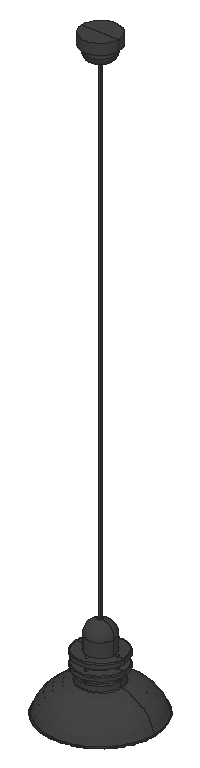
Revit family "Orbitor 100w -12,16 LED", category Lighting Fixtures, Revit 2020
Family settings
  Round Connector Dimension = Use Diameter
  Part Type = Normal
  OmniClass Number = 23.80.70.00
  OmniClass Title = Lighting
  Work Plane-Based = No
  Always vertical = Yes
  Cut with Voids When Loaded = No
  Light Source = Yes
  Shared = No
  Room Calculation Point = No
Parameters (values of type "ORBT16")
  Weight = "2.0 lbs"
  Wattage Comments = "16W"
  Wattage = 1.6 W
  Warranty = "5 year limited warranty"  # constant formula
  built-in parameter 1150110 = 1 (stored number, unit not read)
  Voltage = 277 V
  URL = "https://www.anplighting.com/assets/Uploads/product-attachments/specification-sheets/ANP-Specification-Sheet-RLM-LED-ORBT16.pdf"
  built-in parameter 1114217 = 1 (stored number, unit not read)
  Tilt Angle = 90.00°
  built-in parameter 1150109 = 1 (stored number, unit not read)
  built-in parameter 1150134 = 12
  built-in parameter 1150113 = 1 (stored number, unit not read)
  ORBT16 = yes
  ORBT12 = no
  Mounting Option [instance] = 1
  Power Factor = 1
  Post Mount [instance] = Mounting Option = 5  # no
  Placement X axis side [instance] = if(Post Mount, 2' 2 15/32", if(Cord or Stem Mount, 0' 0", if(E36 20 inch, 1' 8 1/4", if(E 6 26 inch, 2' 2", if(E7 41 inch, 3' 5 1/4", 0' 1")))))  # 0' - 0"
  Photometric Web File = "generic.ies"
  Model = "ORBT16"
  Manufacturer = "ANP Lighting"  # constant formula
  built-in parameter 1150105 = 2000 (stored number, unit not read)
  Lumens = 2000 lm
  built-in parameter 1150115 = 1 (stored number, unit not read)
  Load Classification = Lighting
  Light Source Height [instance] = 0' - 11"
  built-in parameter 1150137 = (empty or 0)
  built-in parameter 1150139 = (empty or 0)
  Light Elevation _2 [instance] = if(Post Mount, 0' 0.66142", if(E7 41 inch, 0' 0.66142", if(E36 20 inch, 0' 1.65748", if(E 6 26 inch, 0' 1.53543", if(Cord or Stem Mount, (0' 4.3622" + Cord Length), 0' 0")))))  # 6' - 4.3622"
  Light Elevation _1 [instance] = if(Post Mount, 0' 0", if(E7 41 inch, 0' 0", if(E36 20 inch, 0' 1", if(E 6 26 inch, 0' 0.87402", if(Cord or Stem Mount, (0' 3.66142" + Cord Length), 0' 0")))))  # 6' - 3.66142"
  Light Elevation [instance] = if(Post Mount, 14' 0.5315", if(E7 41 inch, 0' 0", 0' 0"))  # 0' - 0"
  Life = "L70 50,000 hours"  # constant formula
  built-in parameter 1150112 = 1 (stored number, unit not read)
  built-in parameter 1150114 = 1 (stored number, unit not read)
  Lamp = "LED"
  built-in parameter 1150132 = 2
  built-in parameter 1150102 = (empty or 0)
  built-in parameter 1150107 = 4000 (stored number, unit not read)
  built-in parameter 1150138 = (empty or 0)
  built-in parameter 1150106 = 20 (stored number, unit not read)
  INSIDE BODY = INSIDE BODY
  Fixture Height = 1' - 0 1/4"
  Fixture Diameter = 1' - 4"
  Efficiency = "65-125 lumens per watt"  # constant formula
  built-in parameter 1150104 = 116.13 (stored number, unit not read)
  E7 41 inch [instance] = Mounting Option = 4  # no
  E36 20 inch [instance] = Mounting Option = 3  # no
  E 6 26 inch [instance] = Mounting Option = 2  # no
  Dimming Lamp Color Temperature Shift = <None>
  Dimming = "1%"  # constant formula
  Description = "120-277 Voltage"  # constant formula
  Default Elevation = 0' - 0"
  Cord or Stem Mount [instance] = Mounting Option = 1  # yes
  Cord Length option [instance] = 0
  Cord Length [instance] = if([2' Cord], 2' 0", if([4' Cord], 4' 0", if([8' Cord], 8' 0", if([10' Cord], 10' 0", if([6' Cord], 6' 0", 6' 0")))))  # 6' - 0"
  Construction Material = "Heavy Duty spun aluminum."  # constant formula
  Color Filter = 16777215
  CRI = ">90"  # constant formula
  Bulb = Bulb
  Body Material = body
  Body Colour = "Spun aluminium"  # constant formula
  built-in parameter 1114218 = 1 (stored number, unit not read)
  built-in parameter 1150133 = 10 (stored number, unit not read)
  Apparent Load = 16 VA
  8' Cord [instance] = Cord Length option = 8  # no
  6' Cord [instance] = Cord Length option = 6  # no
  4' Cord [instance] = Cord Length option = 4  # no
  2' Cord [instance] = Cord Length option = 2  # no
  10' Cord [instance] = Cord Length option = 10  # no
Types (3): name | URL | ORBT16 | ORBT12 | Model | Fixture Height | Fixture Diameter
  (no name) | "https://www.anplighting.com/assets/Uploads/product-attachments/specification-sheets/ANP-Specification-Sheet-RLM-LED-ORBT16.pdf" | yes | no | "ORBT16" | 1' - 0 1/4" | 1' - 4"
  ORBT12 | "https://www.anplighting.com/assets/Uploads/product-attachments/specification-sheets/ANP-Specification-Sheet-RLM-LED-ORBT12.pdf" | no | yes | "ORBT12" | 0' - 11 5/8" | 1' - 0"
  ORBT16 | "https://www.anplighting.com/assets/Uploads/product-attachments/specification-sheets/ANP-Specification-Sheet-RLM-LED-ORBT16.pdf" | yes | no | "ORBT16" | 1' - 0 1/4" | 1' - 4"
Reference planes (in)
  plane 1 "Light Source Axis (F/B)": y = 0
  plane 2: z = 0
  plane 3 "Light Source Axis (L/R)": x = 0
  plane 4 "Light Source Elevation": z = 0
  plane 5: z = 0
  plane 6: x = 0
  plane 7 "Bulb Position": z = -76.3622
  plane 8 "Canopy Position": z = -75.66142
  plane 9 "IES": z = -87.3622
Dimensions and locks (in)
  "Light Elevation": plane 5 to plane 2
  "Placement X axis side": plane 6 to plane 3 "Light Source Axis (L/R)"
  "Light Elevation _2": plane 5 to plane 7 "Bulb Position"
  "Light Elevation _1": plane 5 to plane 8 "Canopy Position"
  "Light Source Height": plane 7 "Bulb Position" to plane 9 "IES"
  locked: plane 4 "Light Source Elevation" to plane 2
  aligned and locked: level to plane 2
  aligned and locked: plane 1 "Light Source Axis (F/B)" to nested 5
  aligned and locked: nested 5 to plane 2
  aligned and locked: nested 1 to plane 3 "Light Source Axis (L/R)"
  aligned and locked: plane 3 "Light Source Axis (L/R)" to nested 2
  aligned and locked: plane 3 "Light Source Axis (L/R)" to nested 4
  aligned and locked: nested 3 to plane 5
  aligned and locked: plane 3 "Light Source Axis (L/R)" to nested 3
  aligned and locked: plane 3 "Light Source Axis (L/R)" to nested 5
  aligned and locked: plane 1 "Light Source Axis (F/B)" to nested 2
  aligned and locked: plane 1 "Light Source Axis (F/B)" to nested 1
  aligned and locked: plane 1 "Light Source Axis (F/B)" to nested 4
  aligned and locked: plane 1 "Light Source Axis (F/B)" to nested 3
  aligned and locked: plane 2 to nested 1
  aligned and locked: plane 2 to nested 2
  aligned and locked: nested 4 to plane 2
  aligned and locked: imposter light to plane 9 "IES"
  aligned and locked: imposter light to plane 6
  aligned and locked: nested 6 to plane 8 "Canopy Position"
  aligned and locked: nested 7 to plane 8 "Canopy Position"
  aligned and locked: nested 6 to plane 6
  aligned and locked: nested 7 to plane 6
Nested families (in)
  nested 1: "CORD OR STEM MOUNT" at (0, 0, -75.67), visible <- "Cord or Stem Mount", Cord or Stem Mount <- "Cord or Stem Mount", Body Material <- "Body Material", Light Elevation <- "Light Elevation", Cord Length <- "Cord Length", 10' Cord <- "10' Cord", 2' Cord <- "2' Cord", 4' Cord <- "4' Cord", 6' Cord <- "6' Cord", 8' Cord <- "8' Cord", type "CORD OR STEM MOUNT"
    with Light Elevation 0' - 0", Cord or Stem Mount yes, Cord Length 6' - 0", Body Material body, 8' Cord no, 6' Cord no, 4' Cord no, 2' Cord no, 10' Cord no
  nested 2: "E6 26 INCH" at (0, 0, 0), visible <- "E 6 26 inch", Chain Length <- "Cord Length", E 6 26 inch <- "E 6 26 inch", Placement X axis side <- "Placement X axis side", Body Material <- "Body Material", Light Elevation <- "Light Elevation", type "E6 26 INCH"
    with Placement X axis side 0' - 0", Light Elevation 0' - 0", E 6 26 inch no, Chain Length 6' - 0", Body Material body
  nested 3: "E7 41 INCH" at (0, 0, 0), Chain Length <- "Cord Length", visible <- "E7 41 inch", E7 41 inch <- "E7 41 inch", Placement X axis side <- "Placement X axis side", Body Material <- "Body Material", Light Elevation <- "Light Elevation", type "E7 41 INCH"
    with Placement X axis side 0' - 0", Light Elevation 0' - 0", E7 41 inch no, Chain Length 6' - 0", Body Material body
  nested 4: "E36 20 INCH" at (0, 0, 0), visible <- "E36 20 inch", E36 20 inch <- "E36 20 inch", Placement X axis side <- "Placement X axis side", Chain Length <- "Cord Length", Body Material <- "Body Material", Light Elevation <- "Light Elevation", type "E36 20 INCH"
    with Placement X axis side 0' - 0", Light Elevation 0' - 0", E36 20 inch no, Chain Length 6' - 0", Body Material body
  nested 5: "POST MOUNT" at (0, 0, 0), visible <- "Post Mount", Post Mount <- "Post Mount", Placement X axis side <- "Placement X axis side", Chain Length <- "Cord Length", Body Material <- "Body Material", Light Elevation <- "Light Elevation", type "POST MOUNT"
    with Post Mount no, Placement X axis side 0' - 0", Light Elevation 0' - 0", Chain Length 6' - 0", Body Material body
  nested 6: "ORBT12" at (0, 0, -75.66142), Light Elevation <- "Light Elevation", Body <- "Body Material", ORBT12 <- "ORBT12", visible <- "ORBT12", Bulb <- "Bulb", type "ORBT12"
    with ORBT12 no, Light Elevation 0' - 0", Bulb Bulb, Body body
  nested 7: "ORBT16" at (0, 0, -75.66142), Light Elevation <- "Light Elevation", Body <- "Body Material", INSIDE BODY <- "INSIDE BODY", ORBT16 <- "ORBT16", visible <- "ORBT16", type "ORBT16"
    with ORBT16 yes, Light Elevation 0' - 0", INSIDE BODY INSIDE BODY, Body body
Definition of nested family "CORD OR STEM MOUNT"
  Parameters (values of type "CORD OR STEM MOUNT")
    URL = ""
    Model = ""
    Manufacturer = ""
    Light Elevation [instance] = 1' - 7.69"
    Default Elevation = 0' - 0"
    Cord or Stem Mount [instance] = yes
    Cord Length [instance] = 6' - 0"
    Body Material [instance] = none
    8' Cord [instance] = no
    6' Cord [instance] = no
    4' Cord [instance] = no
    2' Cord [instance] = no
    10' Cord [instance] = no
  Reference planes (in)
    plane 1 "Light Source Axis (F/B)": y = 0
    plane 2: z = 0
    plane 3 "Light Source Axis (L/R)": x = 0
    plane 4 "Light Source Elevation": z = 23.125
    plane 5: z = 91.69
    plane 6: z = 19.69
  Forms (in)
    Extrusion 1, void, not visible
      sketch origin (0, 0, 2.38154) x (1, 0, 0) y (0, 0, 1)
        loop
          circle (0, 4.59925) r 0.16583
      from 1.18594 to 1.75
    Extrusion 2, void, not visible
      sketch origin (0, 0, 2.38154) x (0.707107, -0.707107, 0) y (0, 0, 1)
        loop
          circle (0, 4.59925) r 0.16583
      from 1.18594 to 1.75
    Extrusion 3, void, not visible
      sketch origin (0, 0, 2.38154) x (0.707107, 0.707107, 0) y (0, 0, 1)
        loop
          circle (0, 4.59925) r 0.16583
      from 1.18594 to 1.75
    Extrusion 4, void, not visible
      sketch origin (0, 0, 2.38154) x (0, 1, 0) y (0, 0, 1)
        loop
          circle (0, 4.59925) r 0.16583
      from 1.18594 to 1.75
    Extrusion 5, void, not visible
      sketch origin (0, 0, 2.38154) x (-0.707107, 0.707107, 0) y (0, 0, 1)
        loop
          circle (0, 4.59925) r 0.16583
      from 1.18594 to 1.75
    Extrusion 6, void, not visible
      sketch origin (0, 0, 2.38154) x (-1, 0, 0) y (0, 0, 1)
        loop
          circle (0, 4.59925) r 0.20678
      from 1.18594 to 1.75
    Extrusion 7, void, not visible
      sketch origin (0, 0, 2.38154) x (-0.707107, -0.707107, 0) y (0, 0, 1)
        loop
          circle (0, 4.59925) r 0.16583
      from 1.18594 to 1.75
    Extrusion 8, void, not visible
      sketch origin (0, 0, 2.38154) x (0, -1, 0) y (0, 0, 1)
        loop
          circle (0, 4.59925) r 0.16583
      from 1.18594 to 1.75
    Revolve 9, solid, material <- "Body Material", visible <- "Cord or Stem Mount"
      sketch origin (0, 0, 174.56698) x (1, 0, 0) y (0, 0, 1)
        loop
          line (2.6875, -79.20698) -> (0, -79.20698) -> (0, -82.87698) -> (0.125, -82.87698) -> (0.125, -82.83698) -> (0.75, -82.83698)
          arc (0.75, -82.83698) -> (0.81694, -82.77004) -> (0.75, -82.7031) r 0.06694
          line (0.75, -82.7031) -> (0.89763, -82.7031) -> (1.00223, -82.5985) -> (1.06587, -82.5985)
          arc (1.06587, -82.5985) -> (1.80099, -82.29401) -> (2.10549, -81.55888) r 1.03962
          line (2.10549, -81.55888) -> (2.10549, -81.03899)
          arc (2.10549, -81.03899) -> (2.12951, -80.981) -> (2.1875, -80.95698) r 0.08201
          line (2.1875, -80.95698) -> (2.1875, -80.70698) -> (2.6875, -80.70698) -> (2.6875, -79.20698)
        axis (0, -79.20698) -> (0, -82.87698)
      angle from 0 to 360
    Revolve 10, solid, material <- "Body Material", visible <- "Cord or Stem Mount"
      sketch origin (0, 0, 0) x (1, 0, 0) y (0, 0, 1)
        loop
          line (0, 91.69) -> (-0.125, 91.69) -> (-0.125, 19.69) -> (0, 19.69) -> (0, 91.69)
        axis (0, 19.69) -> (0, 91.69)
      angle from 0 to 360
  Dimensions and locks (in)
    "Light Elevation": plane 6 to plane 2
    "Cord Length": plane 5 to plane 6
    locked: Revolve 10 sketch curve to Revolve 10 sketch curve at 0.125
    aligned and locked: level to plane 2
    aligned and locked: Revolve 10 sketch curve to plane 3 "Light Source Axis (L/R)"
    aligned and locked: Revolve 10 sketch curve to plane 6
    aligned and locked: Revolve 10 sketch curve to plane 5
    aligned and locked: plane 3 "Light Source Axis (L/R)" to Revolve 10 sketch curve
  Automatic sketch dimensions
    Revolve 9 sketch curve to plane 3 "Light Source Axis (L/R)" = 0' - 0"  (x2)
    Revolve 9 sketch curve to plane 5 = 0' - 0"
    plane 3 "Light Source Axis (L/R)" to Revolve 9 sketch curve = 0' - 0 1/8"
    Revolve 9 sketch curve to plane 5 = 0' - 0.17388"
    Revolve 9 sketch curve to Revolve 9 sketch curve = 0' - 0 5/8"
    Revolve 9 sketch curve to Revolve 9 sketch curve = 0' - 0.14763"
    Revolve 9 sketch curve to plane 5 = 0' - 0.27847"
    Revolve 9 sketch curve to Revolve 9 sketch curve = 0' - 0.1046"
    Revolve 9 sketch curve to Revolve 9 sketch curve = 0' - 0.06364"
    Revolve 9 sketch curve to Revolve 9 sketch curve = 0' - 1.03962"
    Revolve 9 sketch curve to Revolve 9 sketch curve = 0' - 0 21/256"
    Revolve 9 sketch curve to Revolve 9 sketch curve = 0' - 0 1/2"  (x2)
    Revolve 9 sketch curve to Revolve 9 sketch curve = 0' - 0.51989"
    Revolve 9 sketch curve to Revolve 9 sketch curve = 0' - 0 1/4"
    Revolve 9 sketch curve to Revolve 9 sketch curve = 0' - 2.3519"
    Revolve 9 sketch curve to Revolve 9 sketch curve = 0' - 1 1/4"
    Revolve 9 sketch curve to Revolve 9 sketch curve = 0' - 0.04"
    Revolve 10 sketch curve to Revolve 10 sketch curve = 0' - 0 1/2"
    Revolve 10 sketch curve to Revolve 10 sketch curve = 0' - 0.42345"
Definition of nested family "ORBT16"
  Parameters (values of type "ORBT16")
    ORBT16 [instance] = yes
    Light Elevation [instance] = 0' - 0"
    INSIDE BODY [instance] = none
    Default Elevation = 0' - 0"
    Bulb = none
    Body [instance] = none
  Reference planes (in)
    plane 1 "Center (Front/Back)": y = 0
    plane 2: z = 0
    plane 3 "Center (Left/Right)": x = 0
    plane 4: z = 0
  Dimensions and locks (in)
    "Light Elevation": plane 4 to plane 2
    aligned and locked: plane 2 to level
    aligned and locked: plane 3 "Center (Left/Right)" to nested 1
    aligned and locked: plane 1 "Center (Front/Back)" to nested 1
    aligned and locked: nested 1 to plane 4
  Nested families (in)
    nested 1: "ORBT16-LED (1)" at (0, 0, -13.23751), INSIDE BODY <- "INSIDE BODY", Body <- "Body", visible <- "ORBT16", ORBT16 <- "ORBT16", type "ORBT16-LED (1)"
      with ORBT16 yes, INSIDE BODY none, Body none
  Definition of nested family "ORBT16-LED (1)"
    Parameters (values of type "ORBT16-LED (1)")
      ORBT16 [instance] = yes
      INSIDE BODY [instance] = none
      Default Elevation = 0' - 0"
      Bulb = none
      Body [instance] = none
    Reference planes (in)
      plane 1 "Center (Front/Back)": y = 0
      plane 2: z = 0
      plane 3 "Center (Left/Right)": x = 0
    Forms (in)
      Revolve 1, solid, material <- "Body", visible <- "ORBT16"
        sketch origin (0, 0, 0.63136) x (1, 0, 0) y (0, 0, 1)
          loop
            line (-2, 10.64427) -> (-2, 8.43427)
            arc (-2, 8.43427) -> (-2.01172, 8.40598) -> (-2.04, 8.39427) r 0.04
            line (-2.04, 8.39427) -> (-2.67, 8.39427)
            arc (-2.67, 8.39427) -> (-2.72657, 8.37084) -> (-2.75, 8.31427) r 0.08
            line (-2.75, 8.31427) -> (-2.75, 7.89427) -> (-2.67, 7.89427) -> (-2.67, 8.31427) -> (-2.04, 8.31427)
            arc (-2.04, 8.31427) -> (-1.95515, 8.34941) -> (-1.92, 8.43427) r 0.12
            line (-1.92, 8.43427) -> (-1.92, 10.64427)
            arc (-1.92, 10.64427) -> (-1.46397, 11.88652) -> (-0.3125, 12.53867) r 1.92
            line (-0.3125, 12.53867) -> (-0.3125, 12.60615) -> (-0.38859, 12.60615)
            arc (-0.38859, 12.60615) -> (-1.5455, 11.91368) -> (-2, 10.64427) r 2
          axis (0, 12.60615) -> (0, 7.89427)
        angle from 0 to 360
      Revolve 2, solid, material <- "Body", visible <- "ORBT16"
        sketch origin (0, 0, 0.63136) x (1, 0, 0) y (0, 0, 1)
          loop
            line (-2.0625, 8.60427) -> (-3.3125, 8.60427) -> (-3.3125, 8.39427) -> (-2.0625, 8.39427) -> (-2.0625, 8.60427)
          axis (0, 8.60427) -> (0, 8.39427)
        angle from 0 to 360
      Revolve 3, solid, material <- "Body", visible <- "ORBT16"
        sketch origin (0, 0, 0.63136) x (1, 0, 0) y (0, 0, 1)
          loop
            line (-2.0625, 8.68427) -> (-3.42, 8.68427)
            arc (-3.42, 8.68427) -> (-3.47657, 8.66084) -> (-3.5, 8.60427) r 0.08
            line (-3.5, 8.60427) -> (-3.5, 8.05927) -> (-3.42, 8.05927) -> (-3.42, 8.60427) -> (-2.0625, 8.60427) -> (-2.0625, 8.68427)
          axis (0, 8.68427) -> (0, 8.05927)
        angle from 0 to 360
      Revolve 4, solid, material <- "Body", visible <- "ORBT16"
        sketch origin (0, 0, 0.63136) x (1, 0, 0) y (0, 0, 1)
          loop
            line (-1.3725, 8.31427) -> (-2.67, 8.31427) -> (-2.67, 8.23427) -> (-1.3725, 8.23427) -> (-1.3725, 8.31427)
          axis (0, 8.31427) -> (0, 8.23427)
        angle from 0 to 360
      Revolve 5, solid, material <- "Body", visible <- "ORBT16"
        sketch origin (0, 0, 0.63136) x (1, 0, 0) y (0, 0, 1)
          loop
            line (-2.065, 8.23427) -> (-2.065, 8.04677) -> (-1.935, 8.04677) -> (-1.935, 7.66677) -> (-1.8125, 7.66677) -> (-1.8125, 6.98427) -> (-1.6825, 6.98427) -> (-1.6825, 8.10427) -> (-1.2475, 8.10427) -> (-1.2475, 8.23427) -> (-2.065, 8.23427)
          axis (0, 8.23427) -> (0, 6.98427)
        angle from 0 to 360
      Revolve 6, solid, material <- "Body", visible <- "ORBT16"
        sketch origin (0, 0, 0.63136) x (1, 0, 0) y (0, 0, 1)
          loop
            line (-2.0625, 7.06427) -> (-3.42, 7.06427)
            arc (-3.42, 7.06427) -> (-3.47657, 7.04084) -> (-3.5, 6.98427) r 0.08
            line (-3.5, 6.98427) -> (-3.5, 6.43927) -> (-3.42, 6.43927) -> (-3.42, 6.98427) -> (-2.0625, 6.98427) -> (-2.0625, 7.06427)
          axis (0, 7.06427) -> (0, 6.43927)
        angle from 0 to 360
      Revolve 7, solid, material <- "Body", visible <- "ORBT16"
        sketch origin (0, 0, 0.63136) x (1, 0, 0) y (0, 0, 1)
          loop
            line (-2.625, 6.98427) -> (-2.625, 5.73427) -> (-2.5625, 5.73427) -> (-2.5625, 6.98427) -> (-2.625, 6.98427)
          loop
            line (-2.625, 8.23427) -> (-2.625, 7.06427) -> (-2.5625, 7.06427) -> (-2.5625, 8.23427) -> (-2.625, 8.23427)
          loop
            line (-2.5985, 8.76094) -> (-2.5985, 8.68427) -> (-2.4375, 8.68427) -> (-2.4375, 8.79927) -> (-2.56017, 8.79927)
            arc (-2.56017, 8.79927) -> (-2.58727, 8.78804) -> (-2.5985, 8.76094) r 0.03833
          axis (-2.4375, 8.79927) -> (-2.4375, 5.73427)
        angle from 0 to 360
      Revolve 8, solid, material <- "Body", visible <- "ORBT16"
        sketch origin (0, 0, 0.63136) x (-1, 0, 0) y (0, 0, 1)
          loop
            line (-2.625, 6.98427) -> (-2.625, 5.73427) -> (-2.5625, 5.73427) -> (-2.5625, 6.98427) -> (-2.625, 6.98427)
          loop
            line (-2.625, 8.23427) -> (-2.625, 7.06427) -> (-2.5625, 7.06427) -> (-2.5625, 8.23427) -> (-2.625, 8.23427)
          loop
            line (-2.5985, 8.76094) -> (-2.5985, 8.68427) -> (-2.4375, 8.68427) -> (-2.4375, 8.79927) -> (-2.56017, 8.79927)
            arc (-2.56017, 8.79927) -> (-2.58727, 8.78804) -> (-2.5985, 8.76094) r 0.03833
          axis (-2.4375, 8.79927) -> (-2.4375, 5.73427)
        angle from 0 to 360
      Revolve 9, solid, material <- "Body", visible <- "ORBT16"
        sketch origin (0, 0, 0.63136) x (0, 1, 0) y (0, 0, 1)
          loop
            line (-2.625, 6.98427) -> (-2.625, 5.73427) -> (-2.5625, 5.73427) -> (-2.5625, 6.98427) -> (-2.625, 6.98427)
          loop
            line (-2.625, 8.23427) -> (-2.625, 7.06427) -> (-2.5625, 7.06427) -> (-2.5625, 8.23427) -> (-2.625, 8.23427)
          loop
            line (-2.5985, 8.76094) -> (-2.5985, 8.68427) -> (-2.4375, 8.68427) -> (-2.4375, 8.79927) -> (-2.56017, 8.79927)
            arc (-2.56017, 8.79927) -> (-2.58727, 8.78804) -> (-2.5985, 8.76094) r 0.03833
          axis (-2.4375, 8.79927) -> (-2.4375, 5.73427)
        angle from 0 to 360
      Revolve 10, solid, material <- "Body", visible <- "ORBT16"
        sketch origin (0, 0, 0.63136) x (0, -1, 0) y (0, 0, -1)
          loop
            line (-2.625, -6.98427) -> (-2.5625, -6.98427) -> (-2.5625, -5.73427) -> (-2.625, -5.73427) -> (-2.625, -6.98427)
          loop
            line (-2.625, -8.23427) -> (-2.5625, -8.23427) -> (-2.5625, -7.06427) -> (-2.625, -7.06427) -> (-2.625, -8.23427)
          loop
            arc (-2.5985, -8.76094) -> (-2.58727, -8.78804) -> (-2.56017, -8.79927) r 0.03833
            line (-2.56017, -8.79927) -> (-2.4375, -8.79927) -> (-2.4375, -8.68427) -> (-2.5985, -8.68427) -> (-2.5985, -8.76094)
          axis (-2.4375, -8.79927) -> (-2.4375, -5.73427)
        angle from 0 to 360
      Revolve 11, solid, material <- "Body", visible <- "ORBT16"
        sketch origin (0, 0, 0) x (1, 0, 0) y (0, 0, 1)
          loop
            line (-2.0625, 6.36562) -> (-2.875, 6.36562)
            arc (-2.875, 6.36562) -> (-2.96339, 6.32901) -> (-3, 6.24062) r 0.125
            line (-3, 6.24062) -> (-3, 5.50085)
            arc (-3, 5.50085) -> (-3.01439, 5.44262) -> (-3.05426, 5.39779) r 0.125
            arc (-3.05426, 5.39779) -> (-6.09793, 3.9276) -> (-7.90266, 1.06956) r 6.14134
            arc (-7.90266, 1.06956) -> (-7.92733, 1.06721) -> (-7.91562, 1.08906) r 0.01406
            line (-7.91562, 1.08906) -> (-7.91562, 1.15937)
            arc (-7.91562, 1.15937) -> (-7.98204, 1.02296) -> (-7.8337, 1.05482) r 0.08438
            arc (-7.8337, 1.05482) -> (-6.03805, 3.87379) -> (-3.02559, 5.32157) r 6.09351
            arc (-3.02559, 5.32157) -> (-2.94836, 5.39682) -> (-2.92, 5.50085) r 0.205
            line (-2.92, 5.50085) -> (-2.92, 6.24062)
            arc (-2.92, 6.24062) -> (-2.90682, 6.27244) -> (-2.875, 6.28562) r 0.045
            line (-2.875, 6.28562) -> (-2.0625, 6.28562) -> (-2.0625, 6.36562)
          axis (0, 6.36562) -> (0, 1.05482)
        angle from 0 to 360
      Revolve 12, solid, material <- "INSIDE BODY", visible <- "ORBT16"
        sketch origin (0, 0, 0) x (1, 0, 0) y (0, 0, 1)
          loop
            line (3.02559, 5.32157) -> (3.02559, 5.22012)
            arc (3.02559, 5.22012) -> (4.77571, 4.62758) -> (6.25909, 3.52595) r 5.9402
            arc (6.25909, 3.52595) -> (7.14081, 2.38175) -> (7.72711, 1.06156) r 6.06824
            line (7.72711, 1.06156) -> (7.83166, 1.06156)
            arc (7.83166, 1.06156) -> (7.23458, 2.4197) -> (6.33047, 3.59598) r 6.16824
            arc (6.33047, 3.59598) -> (4.8145, 4.72014) -> (3.02559, 5.32157) r 6.0402
          axis (0, 1.06156) -> (0, 5.32157)
        angle from 0 to 360
      Revolve 13, solid, material <- "Bulb", visible <- "ORBT16"
        sketch origin (0, 0, 0) x (1, 0, 0) y (0, 0, 1)
          loop
            line (-1.63914, 7.75) -> (-1.63914, 6.9844) -> (-1.72469, 6.91134) -> (-1.72469, 2.72469)
            arc (-1.72469, 2.72469) -> (-1.21954, 1.50515) -> (0, 1) r 1.72469
            line (0, 1) -> (0, 1.1875)
            arc (0, 1.1875) -> (-1.08696, 1.63773) -> (-1.53719, 2.72469) r 1.53719
            line (-1.53719, 2.72469) -> (-1.53719, 6.82489) -> (-1.45164, 6.89796) -> (-1.45164, 7.75) -> (-1.63914, 7.75)
          axis (0, 7.75) -> (0, 1)
        angle from 0 to 360
    Dimensions and locks (in)
      aligned and locked: plane 2 to level
Definition of nested family "E6 26 INCH"
  Parameters (values of type "E6 26 INCH")
    URL = ""
    Placement X axis side [instance] = 2' - 2"
    Model = ""
    Manufacturer = ""
    Light Elevation [instance] = 8' - 4"
    E 6 26 inch [instance] = yes
    Default Elevation = 0' - 0"
    Chain Length [instance] = 0' - 0"
    Body Material [instance] = none
  Reference planes (in)
    plane 1 "Light Source Axis (F/B)": y = 0
    plane 2: z = 0
    plane 3 "Light Source Axis (L/R)": x = 0
    plane 4 "Light Source Elevation": z = 23.125
    plane 5: z = 100
    plane 6: x = -26
    plane 7: z = 99.125
    plane 8: x = -24.12
    plane 9: x = -25.5474
  Forms (in)
    Extrusion 1, void, not visible
      sketch origin (0, 0, 2.38154) x (1, 0, 0) y (0, 0, 1)
        loop
          circle (0, 4.59925) r 0.16583
      from 1.18594 to 1.75
    Extrusion 2, void, not visible
      sketch origin (0, 0, 2.38154) x (0.707107, -0.707107, 0) y (0, 0, 1)
        loop
          circle (0, 4.59925) r 0.16583
      from 1.18594 to 1.75
    Extrusion 3, void, not visible
      sketch origin (0, 0, 2.38154) x (0.707107, 0.707107, 0) y (0, 0, 1)
        loop
          circle (0, 4.59925) r 0.16583
      from 1.18594 to 1.75
    Extrusion 4, void, not visible
      sketch origin (0, 0, 2.38154) x (0, 1, 0) y (0, 0, 1)
        loop
          circle (0, 4.59925) r 0.16583
      from 1.18594 to 1.75
    Extrusion 5, void, not visible
      sketch origin (0, 0, 2.38154) x (-0.707107, 0.707107, 0) y (0, 0, 1)
        loop
          circle (0, 4.59925) r 0.16583
      from 1.18594 to 1.75
    Extrusion 6, void, not visible
      sketch origin (0, 0, 2.38154) x (-1, 0, 0) y (0, 0, 1)
        loop
          circle (0, 4.59925) r 0.20678
      from 1.18594 to 1.75
    Extrusion 7, void, not visible
      sketch origin (0, 0, 2.38154) x (-0.707107, -0.707107, 0) y (0, 0, 1)
        loop
          circle (0, 4.59925) r 0.16583
      from 1.18594 to 1.75
    Extrusion 8, void, not visible
      sketch origin (0, 0, 2.38154) x (0, -1, 0) y (0, 0, 1)
        loop
          circle (0, 4.59925) r 0.16583
      from 1.18594 to 1.75
    Sweep 9, solid, material <- "Body Material", visible <- "E 6 26 inch"
      path origin (-41.25, 0, 168.51693) x (1, 0, 0) y (0, 0, 1)
        loop
          line (17.13, -68.51693) -> (27.68551, -68.51693)
          arc (27.68551, -68.51693) -> (28.47996, -68.34486) -> (29.13202, -67.8595) r 1.92004
          line (29.13202, -67.8595) -> (34.23651, -62.01155)
          arc (34.23651, -62.01155) -> (38.65464, -60.89667) -> (41.25, -64.64193) r 4
          line (41.25, -64.64193) -> (41.25, -69.39193)
      profile origin (-18.84224, 0, 100) x (0, 0, 1) y (0, -1, 0)
        loop
          circle (0, 0) r 0.5
    Revolve 10, solid, material <- "Body Material", visible <- "E 6 26 inch"
      sketch origin (-26, 0, 168.51693) x (1, 0, 0) y (0, 0, 1)
        loop
          line (0, -66.07943) -> (0, -68.51693) -> (1.88, -68.51693) -> (1.88, -67.69272) -> (0.4526, -67.69272) -> (0.4526, -66.54122) -> (0.33125, -66.54122) -> (0.33125, -66.07943) -> (0, -66.07943)
        axis (0, -68.51693) -> (1.88, -68.51693)
      angle from 0 to 360
    Extrusion 11, solid, material <- "Body Material", visible <- "E 6 26 inch"
      sketch origin (-26, 0, 168.51693) x (0, -1, 0) y (0, 0, -1)
        loop
          line (0.25, 68.51693) -> (0.25, 69.51693) -> (-0.25, 69.51693) -> (-0.25, 68.51693) -> (0.25, 68.51693)
      from 0.4526 to 1.88
  Cuts and joins
    joined: Revolve 10, Extrusion 11
  Dimensions and locks (in)
    "Light Elevation": plane 5 to plane 2
    "Placement X axis side": plane 3 "Light Source Axis (L/R)" to plane 6
    locked: plane 5 to plane 7 at 0.875
    Revolve 10 sketch curve to Revolve 10 sketch curve to Revolve 10 sketch curve to plane 6 = 0' - 1.4274" locked, 0' - 0.12135" locked, 0' - 0.33125" locked
    Revolve 10 sketch curve to Revolve 10 sketch curve to Revolve 10 sketch curve to plane 5 = 0' - 0.46179" locked, 0' - 1.1515" locked, 0' - 0 211/256" locked
    locked: Sweep 9 sketch curve to plane 6 at 1.88
    locked: Sweep 9 sketch curve to Sweep 9 sketch curve at 10.55551
    locked: Sweep 9 sketch curve to Sweep 9 sketch curve at 13.56449
    locked: Sweep 9 sketch curve to Sweep 9 sketch curve at 4.75
    locked: plane 9 to plane 6 at 0.4526
    locked: plane 8 to plane 9 at 1.4274
    aligned and locked: level to plane 2
    aligned and locked: Revolve 10 sketch curve to plane 6
    aligned and locked: plane 5 to Revolve 10 sketch curve
    aligned and locked: Revolve 10 sketch curve to plane 5
    aligned and locked: cut or joined group of Revolve 10, Extrusion 11 to plane 9
    aligned and locked: plane 8 to cut or joined group of Revolve 10, Extrusion 11
  Automatic sketch dimensions
    Sweep 9 sketch curve to plane 5 = 0' - 0"
    Sweep 9 sketch curve to Sweep 9 sketch curve = 0' - 4"
    Sweep 9 sketch curve to Sweep 9 sketch curve = 0' - 3.01349"
    plane 5 to Sweep 9 sketch curve = 0' - 0.65743"
    Sweep 9 sketch curve to Sweep 9 sketch curve = 0' - 1.4465"
    Sweep 9 sketch curve to plane 5 = 0' - 0 7/8"
    profile plane to Sweep 9 sketch curve = 0' - 0"
    Sweep 9 sketch curve to profile plane = 0' - 0"
    plane 6 to Revolve 10 sketch curve = 0' - 0.62562"
    Revolve 10 sketch curve to Revolve 10 sketch curve = 0' - 0 1/2"
    Extrusion 11 sketch curve to plane 5 = 0' - 0"
    plane 1 "Light Source Axis (F/B)" to Extrusion 11 sketch curve = 0' - 0 1/4"
    Extrusion 11 sketch curve to plane 1 "Light Source Axis (F/B)" = 0' - 0 1/4"
    plane 5 to Extrusion 11 sketch curve = 0' - 1"
    radius of Sweep 9 sketch curve = 0' - 0 1/2"
Definition of nested family "E7 41 INCH"
  Parameters (values of type "E7 41 INCH")
    URL = ""
    Placement X axis side [instance] = 4' - 2"
    Model = ""
    Manufacturer = ""
    Light Elevation [instance] = 8' - 4"
    E7 41 inch [instance] = yes
    Default Elevation = 0' - 0"
    Chain Length [instance] = 0' - 0"
    Body Material [instance] = none
  Reference planes (in)
    plane 1 "Light Source Axis (F/B)": y = 0
    plane 2: z = 0
    plane 3 "Light Source Axis (L/R)": x = 0
    plane 4 "Light Source Elevation": z = 23.125
    plane 5: z = 100
    plane 6: x = -50
  Forms (in)
    Extrusion 1, void, not visible
      sketch origin (0, 0, 2.38154) x (1, 0, 0) y (0, 0, 1)
        loop
          circle (0, 4.59925) r 0.16583
      from 1.18594 to 1.75
    Extrusion 2, void, not visible
      sketch origin (0, 0, 2.38154) x (0.707107, -0.707107, 0) y (0, 0, 1)
        loop
          circle (0, 4.59925) r 0.16583
      from 1.18594 to 1.75
    Extrusion 3, void, not visible
      sketch origin (0, 0, 2.38154) x (0.707107, 0.707107, 0) y (0, 0, 1)
        loop
          circle (0, 4.59925) r 0.16583
      from 1.18594 to 1.75
    Extrusion 4, void, not visible
      sketch origin (0, 0, 2.38154) x (0, 1, 0) y (0, 0, 1)
        loop
          circle (0, 4.59925) r 0.16583
      from 1.18594 to 1.75
    Extrusion 5, void, not visible
      sketch origin (0, 0, 2.38154) x (-0.707107, 0.707107, 0) y (0, 0, 1)
        loop
          circle (0, 4.59925) r 0.16583
      from 1.18594 to 1.75
    Extrusion 6, void, not visible
      sketch origin (0, 0, 2.38154) x (-1, 0, 0) y (0, 0, 1)
        loop
          circle (0, 4.59925) r 0.20678
      from 1.18594 to 1.75
    Extrusion 7, void, not visible
      sketch origin (0, 0, 2.38154) x (-0.707107, -0.707107, 0) y (0, 0, 1)
        loop
          circle (0, 4.59925) r 0.16583
      from 1.18594 to 1.75
    Extrusion 8, void, not visible
      sketch origin (0, 0, 2.38154) x (0, -1, 0) y (0, 0, 1)
        loop
          circle (0, 4.59925) r 0.16583
      from 1.18594 to 1.75
    Revolve 9, solid, material <- "Body Material", visible <- "E7 41 inch"
      sketch origin (-41.25, 0, 168.39193) x (1, 0, 0) y (0, 0, 1)
        loop
          line (-8.75, -66.20443) -> (-8.75, -68.51693) -> (-6.87, -68.51693) -> (-6.87, -67.69272) -> (-8.2974, -67.69272) -> (-8.2974, -66.54122) -> (-8.41875, -66.54122) -> (-8.41875, -66.20443) -> (-8.75, -66.20443)
        axis (-8.75, -68.51693) -> (-6.87, -68.51693)
      angle from 0 to 360
    Extrusion 10, solid, material <- "Body Material", visible <- "E7 41 inch"
      sketch origin (-41.25, 0, 168.39193) x (0, -1, 0) y (0, 0, -1)
        loop
          line (0.25, 68.51693) -> (0.25, 69.51693) -> (-0.25, 69.51693) -> (-0.25, 68.51693) -> (0.25, 68.51693)
      from -8.2974 to -6.87
    Sweep 11, solid, material <- "Body Material", visible <- "E7 41 inch"
      path origin (-41.25, 0, 168.39193) x (1, 0, 0) y (0, 0, 1)
        loop
          line (-6.87, -68.51693) -> (16.04011, -68.51693)
          arc (16.04011, -68.51693) -> (17.864, -68.13651) -> (19.38375, -67.0587) r 4.5625
          line (19.38375, -67.0587) -> (24.70217, -61.33018)
          arc (24.70217, -61.33018) -> (29.64465, -60.20324) -> (32.5, -64.39193) r 4.5
          line (32.5, -64.39193) -> (32.5, -68.39193)
      profile origin (-36.66494, 0, 99.875) x (0, 0, 1) y (0, -1, 0)
        loop
          circle (0, 0) r 0.5
  Dimensions and locks (in)
    "Placement X axis side": plane 3 "Light Source Axis (L/R)" to plane 6
    "Light Elevation": plane 5 to plane 2
    locked: Revolve 9 sketch curve to Revolve 9 sketch curve at 0.33125
    locked: Revolve 9 sketch curve to Revolve 9 sketch curve at 0.4526
    locked: Revolve 9 sketch curve to Revolve 9 sketch curve at 1.88
    locked: Revolve 9 sketch curve to Revolve 9 sketch curve at 0.82421
    locked: Revolve 9 sketch curve to Revolve 9 sketch curve at 1.1515
    locked: Revolve 9 sketch curve to Revolve 9 sketch curve at 0.33679
    locked: plane 5 to Revolve 9 sketch curve at 0.125
    locked: Extrusion 10 sketch curve to Extrusion 10 sketch curve at 0.5
    locked: Extrusion 10 sketch curve to Extrusion 10 sketch curve at 1
    locked: plane 5 to Extrusion 10 sketch curve at 0.125
    locked: plane 5 to Sweep 11 sketch curve at 0.125
    locked: Sweep 11 sketch curve to Sweep 11 sketch curve at 39.37
    locked: Sweep 11 sketch curve to Sweep 11 sketch curve at 4
    locked: plane 6 to Extrusion 10 at 0.4526
    locked: Sweep 11 sketch curve to plane 6 at 1.88
    locked: Extrusion 10 to Extrusion 10 at 1.4274
    aligned and locked: plane 2 to level
    aligned and locked: Revolve 9 sketch curve to plane 6
  Automatic sketch dimensions
    Revolve 9 sketch curve to plane 5 = 0' - 0 1/8"
    plane 6 to Revolve 9 sketch curve = 0' - 0.62562"
    Revolve 9 sketch curve to Revolve 9 sketch curve = 0' - 0 1/2"
    plane 1 "Light Source Axis (F/B)" to Extrusion 10 sketch curve = 0' - 0 1/4"
    Sweep 11 sketch curve to plane 5 = 0' - 0"
    Sweep 11 sketch curve to Sweep 11 sketch curve = 0' - 4 1/2"
    Sweep 11 sketch curve to Sweep 11 sketch curve = 0' - 3.29783"
    plane 5 to Sweep 11 sketch curve = 0' - 1.33323"
    Sweep 11 sketch curve to Sweep 11 sketch curve = 0' - 5.31842"
    Sweep 11 sketch curve to Sweep 11 sketch curve = 0' - 3.34364"
    profile plane to Sweep 11 sketch curve = 0' - 0"
    Sweep 11 sketch curve to profile plane = 0' - 0"
    radius of Sweep 11 sketch curve = 0' - 0 1/2"
Definition of nested family "E36 20 INCH"
  Parameters (values of type "E36 20 INCH")
    URL = ""
    Placement X axis side [instance] = 1' - 8 1/4"
    Model = ""
    Manufacturer = ""
    Light Elevation [instance] = 8' - 4"
    E36 20 inch [instance] = yes
    Default Elevation = 0' - 0"
    Chain Length [instance] = 0' - 0"
    Body Material [instance] = none
  Reference planes (in)
    plane 1 "Light Source Axis (F/B)": y = 0
    plane 2: z = 0
    plane 3 "Light Source Axis (L/R)": x = 0
    plane 4 "Light Source Elevation": z = 23.125
    plane 5: z = 99
    plane 6: x = -20.25
    plane 7: z = 100
    plane 8: x = -18.37008
    plane 9: x = -19.79724
  Forms (in)
    Extrusion 1, void, not visible
      sketch origin (0, 0, 2.38154) x (1, 0, 0) y (0, 0, 1)
        loop
          circle (0, 4.59925) r 0.16583
      from 1.18594 to 1.75
    Extrusion 2, void, not visible
      sketch origin (0, 0, 2.38154) x (0.707107, -0.707107, 0) y (0, 0, 1)
        loop
          circle (0, 4.59925) r 0.16583
      from 1.18594 to 1.75
    Extrusion 3, void, not visible
      sketch origin (0, 0, 2.38154) x (0.707107, 0.707107, 0) y (0, 0, 1)
        loop
          circle (0, 4.59925) r 0.16583
      from 1.18594 to 1.75
    Extrusion 4, void, not visible
      sketch origin (0, 0, 2.38154) x (0, 1, 0) y (0, 0, 1)
        loop
          circle (0, 4.59925) r 0.16583
      from 1.18594 to 1.75
    Extrusion 5, void, not visible
      sketch origin (0, 0, 2.38154) x (-0.707107, 0.707107, 0) y (0, 0, 1)
        loop
          circle (0, 4.59925) r 0.16583
      from 1.18594 to 1.75
    Extrusion 6, void, not visible
      sketch origin (0, 0, 2.38154) x (-1, 0, 0) y (0, 0, 1)
        loop
          circle (0, 4.59925) r 0.20678
      from 1.18594 to 1.75
    Extrusion 7, void, not visible
      sketch origin (0, 0, 2.38154) x (-0.707107, -0.707107, 0) y (0, 0, 1)
        loop
          circle (0, 4.59925) r 0.16583
      from 1.18594 to 1.75
    Extrusion 8, void, not visible
      sketch origin (0, 0, 2.38154) x (0, -1, 0) y (0, 0, 1)
        loop
          circle (0, 4.59925) r 0.16583
      from 1.18594 to 1.75
    Sweep 9, solid, material <- "Body Material", visible <- "E36 20 inch"
      path origin (-41.25, 0, 169.51693) x (1, 0, 0) y (0, 0, 1)
        loop
          line (22.88, -69.51693) -> (28.93827, -69.51693)
          arc (28.93827, -69.51693) -> (29.97705, -69.28152) -> (30.81284, -68.62128) r 2.40953
          line (30.81284, -68.62128) -> (34.13807, -64.50378)
          arc (34.13807, -64.50378) -> (38.58272, -63.24548) -> (41.25, -67.01693) r 4
          line (41.25, -67.01693) -> (41.25, -70.51693)
      profile origin (-15.34086, 0, 100) x (0, 0, 1) y (0, -1, 0)
        loop
          circle (0, 0) r 0.5
    Revolve 10, solid, material <- "Body Material", visible <- "E36 20 inch"
      sketch origin (-20.25, 0, 169.51693) x (1, 0, 0) y (0, 0, 1)
        loop
          line (0, -67.20443) -> (0, -69.51693) -> (1.88, -69.51693) -> (1.88, -68.69272) -> (0.4526, -68.69272) -> (0.4526, -67.54122) -> (0.33125, -67.54122) -> (0.33125, -67.20443) -> (0, -67.20443)
        axis (0, -69.51693) -> (1.88, -69.51693)
      angle from 0 to 360
    Extrusion 11, solid, material <- "Body Material", visible <- "E36 20 inch"
      sketch origin (-20.25, 0, 169.51693) x (0, -1, 0) y (0, 0, -1)
        loop
          line (0.25, 69.51693) -> (0.25, 70.51693) -> (-0.25, 70.51693) -> (-0.25, 69.51693) -> (0.25, 69.51693)
      from 1.87992 to 0.45276
  Cuts and joins
    joined: Revolve 10, Extrusion 11
  Dimensions and locks (in)
    "Light Elevation": plane 7 to plane 2
    "Placement X axis side": plane 3 "Light Source Axis (L/R)" to plane 6
    locked: plane 7 to plane 5 at 1
    Revolve 10 sketch curve to Revolve 10 sketch curve to Revolve 10 sketch curve to plane 7 = 0' - 0.33679" locked, 0' - 1.1515" locked, 0' - 0 211/256" locked
    locked: Sweep 9 sketch curve to plane 6 at 1.88
    locked: Sweep 9 sketch curve to Sweep 9 sketch curve at 6.05827
    locked: Sweep 9 sketch curve to Sweep 9 sketch curve at 12.31173
    locked: Sweep 9 sketch curve to Sweep 9 sketch curve at 3.5
    Revolve 10 sketch curve to Revolve 10 sketch curve to Revolve 10 sketch curve to plane 6 = 0' - 1.4274" locked, 0' - 0.12135" locked, 0' - 0.33125" locked
    locked: plane 9 to plane 6 at 0.45276
    locked: plane 8 to plane 9 at 1.42717
    aligned and locked: level to plane 2
    aligned and locked: plane 7 to Revolve 10 sketch curve
    aligned and locked: Revolve 10 sketch curve to plane 7
    aligned and locked: Revolve 10 sketch curve to plane 6
    aligned and locked: cut or joined group of Revolve 10, Extrusion 11 to plane 9
    aligned and locked: plane 8 to cut or joined group of Revolve 10, Extrusion 11
  Automatic sketch dimensions
    Sweep 9 sketch curve to plane 7 = 0' - 0"
    Sweep 9 sketch curve to plane 5 = 0' - 0"
    Sweep 9 sketch curve to Sweep 9 sketch curve = 0' - 4"
    Sweep 9 sketch curve to plane 7 = 0' - 0.89565"
    Sweep 9 sketch curve to Sweep 9 sketch curve = 0' - 3.32523"
    Sweep 9 sketch curve to Sweep 9 sketch curve = 0' - 1.87457"
    profile plane to Sweep 9 sketch curve = 0' - 0"
    Sweep 9 sketch curve to profile plane = 0' - 0"
    plane 6 to Revolve 10 sketch curve = 0' - 0.62562"
    Revolve 10 sketch curve to Revolve 10 sketch curve = 0' - 0 1/2"
    plane 7 to Extrusion 11 sketch curve = 0' - 0"
    Extrusion 11 sketch curve to plane 5 = 0' - 0"
    plane 1 "Light Source Axis (F/B)" to Extrusion 11 sketch curve = 0' - 0 1/4"
    Extrusion 11 sketch curve to plane 1 "Light Source Axis (F/B)" = 0' - 0 1/4"
    radius of Sweep 9 sketch curve = 0' - 0 1/2"
Definition of nested family "POST MOUNT"
  Parameters (values of type "POST MOUNT")
    URL = ""
    Post Mount [instance] = yes
    Placement X axis side [instance] = 2' - 2 1/2"
    Model = ""
    Manufacturer = ""
    Light Elevation [instance] = 14' - 0.5168"
    Default Elevation = 0' - 0"
    Chain Length [instance] = 0' - 0"
    Body Material [instance] = none
  Reference planes (in)
    plane 1 "Light Source Axis (F/B)": y = 0
    plane 2: z = 0
    plane 3 "Light Source Axis (L/R)": x = 0
    plane 4 "Light Source Elevation": z = 23.125
    plane 5: x = -26.5
    plane 6: z = 168.5168
  Forms (in)
    Extrusion 1, void, not visible
      sketch origin (0, 0, 2.38154) x (1, 0, 0) y (0, 0, 1)
        loop
          circle (0, 4.59925) r 0.16583
      from 1.18594 to 1.75
    Extrusion 2, void, not visible
      sketch origin (0, 0, 2.38154) x (0.707107, -0.707107, 0) y (0, 0, 1)
        loop
          circle (0, 4.59925) r 0.16583
      from 1.18594 to 1.75
    Extrusion 3, void, not visible
      sketch origin (0, 0, 2.38154) x (0.707107, 0.707107, 0) y (0, 0, 1)
        loop
          circle (0, 4.59925) r 0.16583
      from 1.18594 to 1.75
    Extrusion 4, void, not visible
      sketch origin (0, 0, 2.38154) x (0, 1, 0) y (0, 0, 1)
        loop
          circle (0, 4.59925) r 0.16583
      from 1.18594 to 1.75
    Extrusion 5, void, not visible
      sketch origin (0, 0, 2.38154) x (-0.707107, 0.707107, 0) y (0, 0, 1)
        loop
          circle (0, 4.59925) r 0.16583
      from 1.18594 to 1.75
    Extrusion 6, void, not visible
      sketch origin (0, 0, 2.38154) x (-1, 0, 0) y (0, 0, 1)
        loop
          circle (0, 4.59925) r 0.20678
      from 1.18594 to 1.75
    Extrusion 7, void, not visible
      sketch origin (0, 0, 2.38154) x (-0.707107, -0.707107, 0) y (0, 0, 1)
        loop
          circle (0, 4.59925) r 0.16583
      from 1.18594 to 1.75
    Extrusion 8, void, not visible
      sketch origin (0, 0, 2.38154) x (0, -1, 0) y (0, 0, 1)
        loop
          circle (0, 4.59925) r 0.16583
      from 1.18594 to 1.75
    Revolve 9, solid, material <- "Body Material", visible <- "Post Mount"
      sketch origin (-7.90508, 0, 0) x (1, 0, 0) y (0, 0, 1)
        loop
          line (-18.59492, 3.92912) -> (-16.29831, 3.92912) -> (-16.29831, 4.2668) -> (-16.91413, 4.2668) -> (-16.91413, 134.5168) -> (-17.16413, 134.5168) -> (-17.16413, 137.3918) -> (-17.05979, 137.3918)
          arc (-17.05979, 137.3918) -> (-16.93479, 137.5168) -> (-17.05979, 137.6418) r 0.125
          line (-17.05979, 137.6418) -> (-17.48032, 137.6418) -> (-17.48032, 139.0793) -> (-17.73032, 139.0793) -> (-17.73032, 139.5793) -> (-18.59492, 139.5793) -> (-18.59492, 3.92912)
        axis (-18.59492, 139.5793) -> (-18.59492, 3.92912)
      angle from 0 to 360
    Extrusion 10, solid, material <- "Body Material", visible <- "Post Mount"
      sketch origin (0, 0, 0) x (1, 0, 0) y (0, 1, 0)
        loop
          line (-20.5, 5.93079) -> (-32.5, 5.93079) -> (-32.5, -6.06921) -> (-20.5, -6.06921) -> (-20.5, 5.93079)
      from 0 to 3.92912
    Sweep 11, solid, material <- "Body Material", visible <- "Post Mount"
      path origin (0, 0, 48.5) x (1, 0, 0) y (0, 0, 1)
        loop
          line (0, 120.0168) -> (0, 128.0168)
          arc (0, 128.0168) -> (-13.25, 141.2668) -> (-26.5, 128.0168) r 13.25
          line (-26.5, 128.0168) -> (-26.5, 91.0793)
      profile origin (0, 0, 172.5168) x (-1, 0, 0) y (0, -1, 0)
        loop
          circle (0, 0) r 0.5
    Revolve 12, solid, material <- "Body Material", visible <- "Post Mount"
      sketch origin (0, 0, 0) x (1, 0, 0) y (0, 0, 1)
        loop
          line (0, 168.5168) -> (0.75, 168.5168) -> (0.75, 170.7668) -> (0, 170.7668) -> (0, 168.5168)
        axis (0, 170.7668) -> (0, 168.5168)
      angle from 0 to 360
  Cuts and joins
    joined: Revolve 9, Extrusion 10, Sweep 11, Revolve 12
  Dimensions and locks (in)
    "Placement X axis side": plane 3 "Light Source Axis (L/R)" to plane 5
    "Light Elevation": plane 6 to plane 2
    locked: Revolve 12 sketch curve to plane 5 at 26.5  (x2)
    locked: Revolve 9 sketch curve to plane 2 at 3.92912
    locked: Revolve 9 sketch curve to plane 5 at 2.29661
    locked: Revolve 9 sketch curve to plane 5 at 1.68079
    locked: Revolve 9 sketch curve to plane 5 at 1.43079
    locked: Revolve 9 sketch curve to plane 5 at 1.11461
    locked: Revolve 9 sketch curve to plane 5 at 0.86461
    locked: Revolve 9 sketch curve to Revolve 9 sketch curve at 130.58768
    locked: Revolve 9 sketch curve to Revolve 9 sketch curve at 2.875
    locked: Revolve 9 sketch curve to Revolve 9 sketch curve at 0.25
    locked: Revolve 9 sketch curve to Revolve 9 sketch curve at 1.4375
    locked: Revolve 9 sketch curve to Revolve 9 sketch curve at 0.5
    locked: Sweep 11 sketch curve to Sweep 11 sketch curve at 26.5
    locked: Revolve 12 sketch curve to Revolve 12 sketch curve at 0.75
    locked: cut or joined group of Revolve 9, Extrusion 10, Sweep 11, Revolve 12 to plane 2 at 139.5793
    aligned and locked: level to plane 2
    aligned and locked: plane 5 to Sweep 11 sketch curve
    aligned and locked: Revolve 9 sketch curve to plane 5
  Automatic sketch dimensions
    Revolve 9 sketch curve to plane 5 = 0' - 0"
    Revolve 9 sketch curve to Revolve 9 sketch curve = 0' - 0.10434"
    Revolve 9 sketch curve to Revolve 9 sketch curve = 0' - 0.33768"
    Revolve 9 sketch curve to Revolve 9 sketch curve = 0' - 0 1/4"
    Revolve 9 sketch curve to Revolve 9 sketch curve = 0' - 0 7/16"
    Extrusion 10 sketch curve to plane 5 = 0' - 6"
    plane 5 to Extrusion 10 sketch curve = 0' - 6"
    plane 1 "Light Source Axis (F/B)" to Extrusion 10 sketch curve = 0' - 6.06921"
    Extrusion 10 sketch curve to plane 1 "Light Source Axis (F/B)" = 0' - 5.93079"
    Sweep 11 sketch curve to profile plane = 0' - 0"
    profile plane to Sweep 11 sketch curve = 0' - 0"
    Sweep 11 sketch curve to plane 6 = 0' - 0"
    Sweep 11 sketch curve to plane 6 = 0' - 8"
    plane 6 to Sweep 11 sketch curve = 2' - 4 15/16"
    Revolve 12 sketch curve to plane 6 = 0' - 0"
    Revolve 12 sketch curve to plane 6 = 0' - 2 1/4"
    Revolve 12 sketch curve to Revolve 12 sketch curve = 0' - 0 1/2"
    Revolve 12 sketch curve to Revolve 12 sketch curve = 0' - 0"
    radius of Sweep 11 sketch curve = 0' - 0 1/2"
Definition of nested family "ORBT12"
  Parameters (values of type "ORBT12")
    ORBT12 [instance] = yes
    Light Elevation [instance] = 0' - 0"
    Default Elevation = 0' - 0"
    Bulb [instance] = none
    Body [instance] = none
  Reference planes (in)
    plane 1 "Center (Front/Back)": y = 0
    plane 2: z = 0
    plane 3 "Center (Left/Right)": x = 0
    plane 4: z = 0
  Dimensions and locks (in)
    "Light Elevation": plane 4 to plane 2
    aligned and locked: plane 2 to level
    aligned and locked: plane 3 "Center (Left/Right)" to nested 1
    aligned and locked: plane 1 "Center (Front/Back)" to nested 1
    aligned and locked: plane 4 to nested 1
  Nested families (in)
    nested 1: "ORBT12-LED" at (0, 0, -12.62315), Body <- "Body", INSIDE BODY <- "Body", visible <- "ORBT12", ORBT12 <- "ORBT12", type "ORBT12-LED"
      with ORBT12 yes, INSIDE BODY none, Body none
  Definition of nested family "ORBT12-LED"
    Parameters (values of type "ORBT12-LED")
      ORBT12 [instance] = yes
      INSIDE BODY [instance] = none
      Default Elevation = 0' - 0"
      Bulb = none
      Body [instance] = none
    Reference planes (in)
      plane 1 "Center (Front/Back)": y = 0
      plane 2: z = 0
      plane 3 "Center (Left/Right)": x = 0
    Forms (in)
      Revolve 1, solid, material <- "Body", visible <- "ORBT12"
        sketch origin (0, 0, 0) x (1, 0, 0) y (0, 0, 1)
          loop
            line (-2, 10.64772) -> (-2, 8.43772)
            arc (-2, 8.43772) -> (-2.01172, 8.40943) -> (-2.04, 8.39772) r 0.04
            line (-2.04, 8.39772) -> (-2.67, 8.39772)
            arc (-2.67, 8.39772) -> (-2.72657, 8.37429) -> (-2.75, 8.31772) r 0.08
            line (-2.75, 8.31772) -> (-2.75, 7.89772) -> (-2.67, 7.89772) -> (-2.67, 8.31772) -> (-2.04, 8.31772)
            arc (-2.04, 8.31772) -> (-1.95515, 8.35286) -> (-1.92, 8.43772) r 0.12
            line (-1.92, 8.43772) -> (-1.92, 10.64772)
            arc (-1.92, 10.64772) -> (-1.46397, 11.88997) -> (-0.3125, 12.54212) r 1.92
            line (-0.3125, 12.54212) -> (-0.3125, 12.62315)
            arc (-0.3125, 12.62315) -> (-1.52069, 11.94676) -> (-2, 10.64772) r 2
          axis (0, 12.62315) -> (0, 7.89772)
        angle from 0 to 360
      Revolve 2, solid, material <- "Body", visible <- "ORBT12"
        sketch origin (0, 0, 0) x (1, 0, 0) y (0, 0, 1)
          loop
            line (-2.0625, 8.60427) -> (-3.3125, 8.60427) -> (-3.3125, 8.39427) -> (-2.0625, 8.39427) -> (-2.0625, 8.60427)
          axis (0, 8.60427) -> (0, 8.39427)
        angle from 0 to 360
      Revolve 3, solid, material <- "Body", visible <- "ORBT12"
        sketch origin (0, 0, 0) x (1, 0, 0) y (0, 0, 1)
          loop
            line (-2.0625, 8.68427) -> (-3.42, 8.68427)
            arc (-3.42, 8.68427) -> (-3.47657, 8.66084) -> (-3.5, 8.60427) r 0.08
            line (-3.5, 8.60427) -> (-3.5, 8.05927) -> (-3.42, 8.05927) -> (-3.42, 8.60427) -> (-2.0625, 8.60427) -> (-2.0625, 8.68427)
          axis (0, 8.68427) -> (0, 8.05927)
        angle from 0 to 360
      Revolve 4, solid, material <- "Body", visible <- "ORBT12"
        sketch origin (0, 0, 0) x (1, 0, 0) y (0, 0, 1)
          loop
            line (-1.3725, 8.31427) -> (-2.67, 8.31427) -> (-2.67, 8.23427) -> (-1.3725, 8.23427) -> (-1.3725, 8.31427)
          axis (0, 8.31427) -> (0, 8.23427)
        angle from 0 to 360
      Revolve 5, solid, material <- "Body", visible <- "ORBT12"
        sketch origin (0, 0, 0) x (1, 0, 0) y (0, 0, 1)
          loop
            line (-2.065, 8.23427) -> (-2.065, 8.04677) -> (-1.935, 8.04677) -> (-1.935, 7.66677) -> (-1.8125, 7.66677) -> (-1.8125, 6.98427) -> (-1.6825, 6.98427) -> (-1.6825, 8.10427) -> (-1.2475, 8.10427) -> (-1.2475, 8.23427) -> (-2.065, 8.23427)
          axis (0, 8.23427) -> (0, 6.98427)
        angle from 0 to 360
      Revolve 6, solid, material <- "Body", visible <- "ORBT12"
        sketch origin (0, 0, 0) x (1, 0, 0) y (0, 0, 1)
          loop
            line (-2.0625, 7.06427) -> (-3.42, 7.06427)
            arc (-3.42, 7.06427) -> (-3.47657, 7.04084) -> (-3.5, 6.98427) r 0.08
            line (-3.5, 6.98427) -> (-3.5, 6.43927) -> (-3.42, 6.43927) -> (-3.42, 6.98427) -> (-2.0625, 6.98427) -> (-2.0625, 7.06427)
          axis (0, 7.06427) -> (0, 6.43927)
        angle from 0 to 360
      Revolve 7, solid, material <- "Body", visible <- "ORBT12"
        sketch origin (0, 0, 0) x (1, 0, 0) y (0, 0, 1)
          loop
            line (-2.0625, 5.73427) -> (-2.875, 5.73427)
            arc (-2.875, 5.73427) -> (-2.96339, 5.69766) -> (-3, 5.60927) r 0.125
            line (-3, 5.60927) -> (-3, 4.86949)
            arc (-3, 4.86949) -> (-3.01439, 4.81126) -> (-3.05426, 4.76644) r 0.125
            arc (-3.05426, 4.76644) -> (-4.96376, 3.44537) -> (-5.90266, 1.32172) r 4.28074
            arc (-5.90266, 1.32172) -> (-5.92733, 1.31937) -> (-5.91562, 1.34122) r 0.01406
            line (-5.91562, 1.34122) -> (-5.91562, 1.41153)
            arc (-5.91562, 1.41153) -> (-5.98204, 1.27512) -> (-5.8337, 1.30697) r 0.08438
            arc (-5.8337, 1.30697) -> (-4.90153, 3.3952) -> (-3.01923, 4.69389) r 4.23326
            arc (-3.01923, 4.69389) -> (-2.94652, 4.76864) -> (-2.92, 4.86949) r 0.205
            line (-2.92, 4.86949) -> (-2.92, 5.60927)
            arc (-2.92, 5.60927) -> (-2.90682, 5.64109) -> (-2.875, 5.65427) r 0.045
            line (-2.875, 5.65427) -> (-2.0625, 5.65427) -> (-2.0625, 5.73427)
          axis (0, 5.73427) -> (0, 1.30697)
        angle from 0 to 360
      Revolve 8, solid, material <- "Bulb", visible <- "ORBT12"
        sketch origin (0, 0, 0) x (1, 0, 0) y (0, 0, 1)
          loop
            line (-1.63914, 7.75) -> (-1.63914, 6.9844) -> (-1.72469, 6.91134) -> (-1.72469, 2.72469)
            arc (-1.72469, 2.72469) -> (-1.21954, 1.50515) -> (0, 1) r 1.72469
            line (0, 1) -> (0, 1.1875)
            arc (0, 1.1875) -> (-1.08696, 1.63773) -> (-1.53719, 2.72469) r 1.53719
            line (-1.53719, 2.72469) -> (-1.53719, 6.82489) -> (-1.45164, 6.89796) -> (-1.45164, 7.75) -> (-1.63914, 7.75)
          axis (0, 7.75) -> (0, 1)
        angle from 0 to 360
      Revolve 9, solid, material <- "Body", visible <- "ORBT12"
        sketch origin (0, 0, 0) x (1, 0, 0) y (0, 0, 1)
          loop
            line (-2.625, 6.98427) -> (-2.625, 5.73427) -> (-2.5625, 5.73427) -> (-2.5625, 6.98427) -> (-2.625, 6.98427)
          loop
            line (-2.625, 8.23427) -> (-2.625, 7.06427) -> (-2.5625, 7.06427) -> (-2.5625, 8.23427) -> (-2.625, 8.23427)
          loop
            line (-2.5985, 8.76094) -> (-2.5985, 8.68427) -> (-2.4375, 8.68427) -> (-2.4375, 8.79927) -> (-2.56017, 8.79927)
            arc (-2.56017, 8.79927) -> (-2.58727, 8.78804) -> (-2.5985, 8.76094) r 0.03833
          axis (-2.4375, 8.79927) -> (-2.4375, 5.73427)
        angle from 0 to 360
      Revolve 10, solid, material <- "Body", visible <- "ORBT12"
        sketch origin (0, 0, 0) x (-1, 0, 0) y (0, 0, 1)
          loop
            line (-2.625, 6.98427) -> (-2.625, 5.73427) -> (-2.5625, 5.73427) -> (-2.5625, 6.98427) -> (-2.625, 6.98427)
          loop
            line (-2.625, 8.23427) -> (-2.625, 7.06427) -> (-2.5625, 7.06427) -> (-2.5625, 8.23427) -> (-2.625, 8.23427)
          loop
            line (-2.5985, 8.76094) -> (-2.5985, 8.68427) -> (-2.4375, 8.68427) -> (-2.4375, 8.79927) -> (-2.56017, 8.79927)
            arc (-2.56017, 8.79927) -> (-2.58727, 8.78804) -> (-2.5985, 8.76094) r 0.03833
          axis (-2.4375, 8.79927) -> (-2.4375, 5.73427)
        angle from 0 to 360
      Revolve 11, solid, material <- "Body", visible <- "ORBT12"
        sketch origin (0, 0, 0) x (0, 1, 0) y (0, 0, 1)
          loop
            line (-2.625, 6.98427) -> (-2.625, 5.73427) -> (-2.5625, 5.73427) -> (-2.5625, 6.98427) -> (-2.625, 6.98427)
          loop
            line (-2.625, 8.23427) -> (-2.625, 7.06427) -> (-2.5625, 7.06427) -> (-2.5625, 8.23427) -> (-2.625, 8.23427)
          loop
            line (-2.5985, 8.76094) -> (-2.5985, 8.68427) -> (-2.4375, 8.68427) -> (-2.4375, 8.79927) -> (-2.56017, 8.79927)
            arc (-2.56017, 8.79927) -> (-2.58727, 8.78804) -> (-2.5985, 8.76094) r 0.03833
          axis (-2.4375, 8.79927) -> (-2.4375, 5.73427)
        angle from 0 to 360
      Revolve 12, solid, material <- "Body", visible <- "ORBT12"
        sketch origin (0, 0, 0) x (0, -1, 0) y (0, 0, -1)
          loop
            line (-2.625, -6.98427) -> (-2.5625, -6.98427) -> (-2.5625, -5.73427) -> (-2.625, -5.73427) -> (-2.625, -6.98427)
          loop
            line (-2.625, -8.23427) -> (-2.5625, -8.23427) -> (-2.5625, -7.06427) -> (-2.625, -7.06427) -> (-2.625, -8.23427)
          loop
            arc (-2.5985, -8.76094) -> (-2.58727, -8.78804) -> (-2.56017, -8.79927) r 0.03833
            line (-2.56017, -8.79927) -> (-2.4375, -8.79927) -> (-2.4375, -8.68427) -> (-2.5985, -8.68427) -> (-2.5985, -8.76094)
          axis (-2.4375, -8.79927) -> (-2.4375, -5.73427)
        angle from 0 to 360
      Revolve 13, solid, material <- "INSIDE BODY", visible <- "ORBT12"
        sketch origin (0, 0, 0) x (1, 0, 0) y (0, 0, 1)
          loop
            line (3.01923, 4.69389) -> (3.01923, 4.58801)
            arc (3.01923, 4.58801) -> (3.88188, 4.16559) -> (4.62368, 3.55538) r 4.13166
            arc (4.62368, 3.55538) -> (5.35249, 2.51717) -> (5.73258, 1.30697) r 4.13828
            line (5.73258, 1.30697) -> (5.8337, 1.30697)
            arc (5.8337, 1.30697) -> (5.44552, 2.5546) -> (4.69575, 3.6247) r 4.23828
            arc (4.69575, 3.6247) -> (3.92118, 4.25917) -> (3.01923, 4.69389) r 4.23166
          axis (0, 4.69389) -> (0, 1.30697)
        angle from 0 to 360
    Dimensions and locks (in)
      aligned and locked: plane 2 to level
